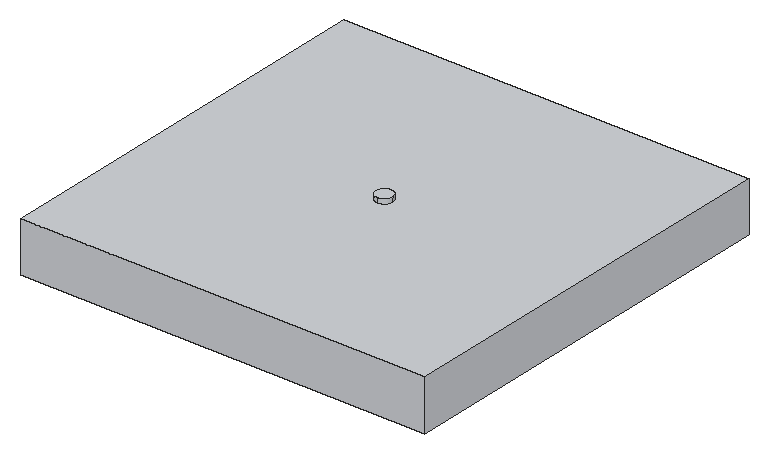
Revit family "M_Conector de tubulação - Retorno do hidrônico - Equipamento mecânico", category Equipamento mecânico, Revit 2019
Family settings
  Hospedeiro = Face
  Cota do conector redondo = Usar raio
  Tipo de parte = Normal
  Número OmniClass = 23.65.00.00
  Título OmniClass = Supply and Distribution of Liquids and Gases
  ID de item do Seek = Pipe Connector - Hydronic Return - Mechanical Equipment-0000-CAN-ENU
  Corte com vazios quando carregada = Não
  Compartilhado = Não
  Ponto de cálculo do ambiente = Não
Parameters (values of type "Padrão")
  Espessura [instance] = 25.4 mm
  Raio nominal [instance] = 50 mm
  Fluxo [instance] = 0.63 L/s
  Diâmetro nominal [instance] = Raio nominal * 2  # 100 mm
  Default Elevation = 0 mm
  Assembly Code = ""
Reference planes
  plane 1 "Centro (Frente/Trás)": y = 0
  plane 2: z = 0
  plane 3 "Centro (Esquerda/Direita)": x = 0
Forms (mm)
  Extrusion 1, solid
    sketch origin (0, 0, 0) x (1, 0, 0) y (0, 1, 0)
      loop
        line (-1219.2, 1219.2) -> (-1219.2, -1219.2) -> (1219.2, -1219.2) -> (1219.2, 1219.2) -> (-1219.2, 1219.2)
    from 0 to -304.8
  Sweep 2, solid
    path in 3D
      loop
        line (0, 0, 0) -> (0, 0, 25.4)
    profile "M_Duto - Redondo : Duto - Redondo" origin (0, 0, 12.7) x (0, -1, 0) y (1, 0, 0)
      loop
        arc (-50, 0) -> (-35.355, -35.355) -> (0, -50) r 50
        arc (0, -50) -> (35.355, -35.355) -> (50, 0) r 50
        arc (50, 0) -> (35.355, 35.355) -> (0, 50) r 50
        arc (0, 50) -> (-35.355, 35.355) -> (-50, 0) r 50
Lines and regions (mm)
  reference lines
    curve 1: line (0, 0, 0) -> (0, 0, 25.4)
  sketch lines
    curve 2: line (0, 0, 0) -> (0, 0, 25.4)
Dimensions and locks
  "Espessura": curve 1 to curve 1
  aligned and locked: plane 2 to Extrusion 1
  aligned and locked: level to Extrusion 1
  aligned and locked: Extrusion 1 to curve 1
  aligned and locked: curve 1 to plane 1 "Centro (Frente/Trás)"
Automatic sketch dimensions
  Extrusion 1 sketch curve to Extrusion 1 sketch curve = 2438.4 mm  (x2)
Connectors
  piping at (0, 0, 25.4), diameter 100, driven by "Fluxo", driven by "Raio nominal"
    settings: on Sweep 2, index 1, connector inside diameter 100 mm, connector length 0 mm, flow factor 0, pipe flow 0.63 L/s, pressure drop 0.0 Pa, fitting loss kfactor 0, connector angle 0.00°, fixture units 0, engagement length 0 mm, angle of deflection 0.00°, flow configuration 1, flow direction 2, fitting loss method 0, system type 8, joint type 0, gender type 0, connector reference index -1, connector utility 0, adjustable connector no, is connector primary yes, connector description ""
